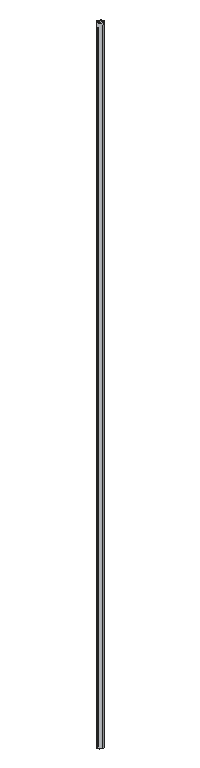
Revit family "墙体测斜", category Generic Models, Revit 2016
Family settings
  Part Type = Normal
  Can host rebar = No
  Round Connector Dimension = Use Diameter
  Work Plane-Based = No
  Always vertical = Yes
  Cut with Voids When Loaded = No
  Shared = No
  Room Calculation Point = No
Parameters
  直径 = 100 mm
  监测数据 [instance] = ""
  深度 = 12000 mm
  测点编号 = ""
  壁厚 = 20 mm
  内径 = 直径 - 2 * 壁厚  # 60 mm
Reference planes
  plane 1 "中心(前/后)": y = 0
  plane 2: z = 0
  plane 3 "中心(左/右)": x = 0
Forms (mm)
  Extrusion 1, solid
    sketch origin (3021.728, -229.593, 0) x (1, 0, 0) y (0, 1, 0)
      loop
        circle (-3021.728, 229.593) r 50
    from -12000 to 0
  Extrusion 2, void
    sketch origin (0, 0, 0) x (1, 0, 0) y (0, 1, 0)
      loop
        circle (0, 0) r 30
    from -12000 to 0
Cuts and joins
  Extrusion 2 cuts Extrusion 1
Dimensions and locks
  "深度": Extrusion 1 to Extrusion 1
  "直径": diameter of Extrusion 1 sketch curve
  "内径": diameter of Extrusion 2 sketch curve
  aligned and locked: level to plane 2
  aligned and locked: level to Extrusion 1
  aligned and locked: level to Extrusion 2
  aligned and locked: Extrusion 1 to Extrusion 2
Automatic sketch dimensions
  plane 1 "中心(前/后)" to Extrusion 1 sketch curve = 0 mm
  Extrusion 1 sketch curve to plane 3 "中心(左/右)" = 0 mm
  plane 1 "中心(前/后)" to Extrusion 2 sketch curve = 0 mm
  Extrusion 2 sketch curve to plane 3 "中心(左/右)" = 0 mm
